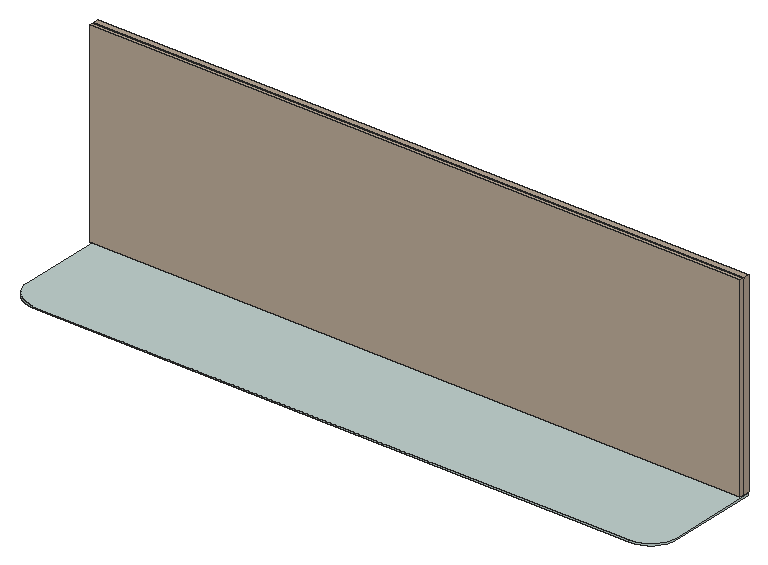
Revit family "Accessory-Teknion-EMWS_Wall-Shelf_with_Thought_Board-R2016", category Furniture, Revit 2018
Family settings
  OmniClass Number = 23.40.20.00
  OmniClass Title = General Furniture and Specialties
  Work Plane-Based = No
  Always vertical = Yes
  Cut with Voids When Loaded = No
  Shared = Yes
  Room Calculation Point = No
Parameters (values of type "Wall Shelf with Flintwood Thought Board")
  Width [instance] = 48.000"
  Warranty = "http://www.teknion.com/ca/papers/legal-canada"
  Wall Shelf with Veneer Thought Board = no
  Wall Shelf with Glass Thought Board = no
  Wall Shelf with Flintwood Thought Board = yes
  Wall Shelf with Fabric Thought Board = no
  Wall Shelf with Chroma Wood Thought Board = no
  Unit Weight URL = "http://www.teknion.com/ca/tools/assets#&asset=bee6a381-b954-425e-8283-5a2de3a804f2,f828d448-4b62-4231-9e5f-9a8991c0ed77"
  URL = "www.teknion.com"
  Top Accent Finish [instance] = Veneer - Teknion - 5N - Flintwood - White Oak
  To render, please download texture images found here [instance] = "https://assets.teknion.com/web/5e81352c1dfdb467/revit-material-swatches/"
  Sustainability Data = "https://www.teknion.com/ca/tools/assets#&topic=216f99a5-57a0-44fc-b10a-9dee9b29ae4c&asset=444deb64-fe58-4b68-981e-f75e97781df7,b4ff2d81-9f2e-437d-9659-7cffb09c31cf"
  Series = "Emote"
  Product Page URL = "https://www.teknion.com/ca/products/product-details?productLineId=df54fb6e-8e7a-673b-a6c8-ff05004460c4"
  Product Line = "Emote"
  Product Documentation Link = "https://assets.teknion.com/m/e60fdd6154307a7/original/Emote-Sell-Sheet.pdf"
  Part Number = "EMWS"
  Outer Accent Finish [instance] = Veneer - Teknion - 5N - Flintwood - White Oak
  Model = "EMWS__"
  Metal Shelf Finish [instance] = Paint - Teknion - CP - Chroma Metal - Herbal
  Material Note [instance] = if(Wall Shelf with Chroma Wood Thought Board, "Choose the same Chroma Wood Finish for both Outer Accent and Top Accent Finish.", if(Wall Shelf with Flintwood Thought Board, "Choose the same Flintwood Finish for bot Outer Accent and Top Accent Finish.", if(Wall Shelf with Glass Thought Board, "Choose a Backpainted Glass Finish for Outer Accent and (Glass - Teknion - CL - Clear) for Top Accent Finish.", if(Wall Shelf with Veneer Thought Board, "Choose the same Veneer Finish for both Outer Accent and Top Accent Finish.", "Choose the same Fabric Finish for both Outer Accent and Top Accent Finish."))))  # "Choose the same Flintwood Finish for bot Outer Accent and Top Accent Finish."
  Manufacturer Phone = "416-661-3370"  # constant formula
  Manufacturer Fax = "416.661.4586"  # constant formula
  Manufacturer Contact Information = "http://www.teknion.com/ca/contactus"
  Manufacturer Address = "1150 Flint Road, Toronto, ON. M3J 2J5. Canada"  # constant formula
  Manufacturer = "Teknion"  # constant formula
  How To Use Teknion Materials User Guide [instance] = "https://assets.teknion.com/m/205dd0a49fa58060/original/How-to-add-a-Material-Library-and-Texture-Images-to-your-Revit-project.pdf"
  Height offset above the ground [instance] = 35.880"
  Height [instance] = 14.500"
  For Additional Finishes, please visit [instance] = "https://assets.teknion.com/m/44a8009b046e5d47/original/Teknion_Materials_Library.zip"
  Description = "Emote Wall Shelf with Thought Board"
  Available Widths [instance] = "29, 36, 42, 48 inches."  # constant formula
  Available Heights [instance] = if(or(Width = 36.000", Width = 42.000", Width = 48.000"), "14.5 inches.", "14.5 or 29 inches.")  # "14.5 inches."
  Assembly Code = "E2020200"
Types (6): name | Wall Shelf with Veneer Thought Board | Wall Shelf with Glass Thought Board | Wall Shelf with Flintwood Thought Board | Wall Shelf with Fabric Thought Board | Wall Shelf with Chroma Wood Thought Board | Top Accent Finish | Outer Accent Finish | Material Note
  (no name) | no | no | yes | no | no | Veneer - Teknion - 5N - Flintwood - White Oak | Veneer - Teknion - 5N - Flintwood - White Oak | "Choose the same Flintwood Finish for bot Outer Accent and Top Accent Finish."
  Wall Shelf with Flintwood Thought Board | no | no | yes | no | no | Veneer - Teknion - 5N - Flintwood - White Oak | Veneer - Teknion - 5N - Flintwood - White Oak | "Choose the same Flintwood Finish for bot Outer Accent and Top Accent Finish."
  Wall Shelf with Chroma Wood Thought Board | no | no | no | no | yes | Paint - Teknion - CQ - Chroma Metal - Soft Gold | Paint - Teknion - CQ - Chroma Metal - Soft Gold | "Choose the same Chroma Wood Finish for both Outer Accent and Top Accent Finish."
  Wall Shelf with Veneer Thought Board | yes | no | no | no | no | Wood - Teknion - DV - Sierra | Wood - Teknion - DV - Sierra | "Choose the same Veneer Finish for both Outer Accent and Top Accent Finish."
  Wall Shelf with Backpainted Glass Thought Board | no | yes | no | no | no | Back-painted Glass - K7 - Teknion - Very White | Glass - Teknion - CL - Clear | "Choose a Backpainted Glass Finish for Outer Accent and (Glass - Teknion - CL - Clear) for Top Accent Finish."
  Wall Shelf with Fabric Thought Board | no | no | no | yes | no | Fabric - Teknion - N134 - Nitty Gritty - Factor | Fabric - Teknion - N134 - Nitty Gritty - Factor | "Choose the same Fabric Finish for both Outer Accent and Top Accent Finish."
Reference planes (in)
  plane 1 "Center Front/Back": y = 0.41095
  plane 2: z = 0
  plane 3 "Center Left/Right": x = 0
  plane 4 "Left": x = -24
  plane 5 "Right": x = 24
  plane 6 "Back": y = 4.84595
  plane 7 "Front": y = -4.02405
  plane 8 "Top": z = 50.5
  plane 9: z = 35.88
  plane 10: z = 36.17717
  plane 11: z = 36
  plane 12: y = 4.72595
  plane 13: y = 4.47391
  plane 14: y = 3.72391
Forms (in)
  Sweep 1, solid, material "Paint - Teknion - CP - Chroma Metal - Herbal" <- "Metal Shelf Finish"
    path origin (0, 0, 0) x (0, 1, 0) y (0, 0, 1)
      loop
        line (-4.06292, 35.88) -> (-4.06292, 36)
    profile origin (0, -4.06292, 35.94) x (0, -1, 0) y (1, 0, 0)
      loop
        line (-8.53683, -24) -> (-2.03888, -24)
        arc (-2.03888, -24) -> (-0.62466, -23.41421) -> (-0.03888, -22) r 2
        line (-0.03888, -22) -> (-0.03888, 22)
        arc (-0.03888, 22) -> (-0.62466, 23.41421) -> (-2.03888, 24) r 2
        line (-2.03888, 24) -> (-8.53683, 24) -> (-8.53683, -24)
  Sweep 2, solid, material "Paint - Teknion - CP - Chroma Metal - Herbal" <- "Metal Shelf Finish"
    path origin (0, 0, 0) x (1, 0, 0) y (0, 1, 0)
      loop
        line (-23, 4.84595) -> (23, 4.84595)
    profile origin (0, 4.84595, 0) x (0, 1, 0) y (0, 0, 1)
      loop
        line (-0.37205, 35.88) -> (-0.15125, 35.88)
        arc (-0.15125, 35.88) -> (-0.0443, 35.9243) -> (0, 36.03125) r 0.15125
        line (0, 36.03125) -> (0, 39.88) -> (-0.12, 39.88) -> (-0.12, 36.03125)
        arc (-0.12, 36.03125) -> (-0.12915, 36.00915) -> (-0.15125, 36) r 0.03125
        line (-0.15125, 36) -> (-0.37205, 36) -> (-0.37205, 35.88)
  Sweep 3, solid, material "Veneer - Teknion - 5N - Flintwood - White Oak" <- "Top Accent Finish"
    path origin (0, 0.41095, 0) x (1, 0, 0) y (0, 0, 1)
      loop
        line (-23.25, 36.17717) -> (-23.25, 50.5)
    profile origin (-23.25, 0.41095, 43.33858) x (-1, 0, 0) y (0, -1, 0)
      loop
        line (0.75, -3.61295) -> (-47.25, -3.61295) -> (-47.25, -4.06295) -> (0.75, -4.06295) -> (0.75, -3.61295)
  Sweep 4, solid, material "Veneer - Teknion - 5N - Flintwood - White Oak" <- "Outer Accent Finish"
    path origin (0, 0.41095, 0) x (1, 0, 0) y (0, 0, 1)
      loop
        line (-23.25, 36.17717) -> (-23.25, 50.5)
    profile origin (-23.25, 0.41095, 43.33858) x (-1, 0, 0) y (0, -1, 0)
      loop
        line (0.75, -3.31295) -> (-47.25, -3.31295) -> (-47.25, -3.61295) -> (0.75, -3.61295) -> (0.75, -3.31295)
Lines and regions (in)
  Masking region 1
    outline origin (0, 0, 0) x (1, 0, 0) y (0, 1, 0)
      loop
        line (24, 4.47391) -> (-24, 4.47391) -> (-24, -2.02405)
        arc (-24, -2.02405) -> (-23.41421, -3.43826) -> (-22, -4.02405) r 2
        line (-22, -4.02405) -> (22, -4.02405)
        arc (22, -4.02405) -> (23.41421, -3.43826) -> (24, -2.02405) r 2
        line (24, -2.02405) -> (24, 4.47391)
  Masking region 2
    outline origin (0, 0, 0) x (1, 0, 0) y (0, 1, 0)
      loop
        line (-23, 4.47391) -> (23, 4.47391) -> (23, 4.84595) -> (-23, 4.84595) -> (-23, 4.47391)
  symbolic lines
    curve 1: line (-24, 3.72391, 0) -> (24, 3.72391, 0)
    curve 2: line (-23, 4.72595, 0) -> (23, 4.72595, 0)
Dimensions and locks (in)
  "Width": plane 4 "Left" to plane 5 "Right"
  equal spacing: plane 6 "Back", plane 1 "Center Front/Back", plane 7 "Front", locked at 4.435 each
  "Height offset above the ground": plane 9 to level
  equal spacing: plane 4 "Left", plane 3 "Center Left/Right", plane 5 "Right"
  plane 9 to plane 11 to plane 10 = 0.120" locked, 0.17717" locked
  plane 6 "Back" to plane 12 to plane 13 to plane 14 = 0.120" locked, 0.25205" locked, 0.750" locked
  "Height": plane 11 to plane 8 "Top"
  locked: plane 4 "Left" to Sweep 1 sketch curve at 2
  locked: plane 7 "Front" to Sweep 1 sketch curve at 2  (x2)
  locked: Sweep 1 sketch curve to plane 5 "Right" at 2
  locked: plane 4 "Left" to Sweep 2 sketch curve at 1
  locked: Sweep 2 sketch curve to plane 5 "Right" at 1
  locked: plane 6 "Back" to Sweep 2 sketch curve at 0.15125
  locked: plane 9 to Sweep 2 sketch curve at 0.15125  (x2)
  locked: plane 12 to Sweep 2 sketch curve at 0.03125
  locked: plane 9 to Sweep 2 sketch curve at 4
  locked: Sweep 3 sketch curve to plane 14 at 0.3
  aligned and locked: level to plane 2
  aligned and locked: plane 9 to Sweep 1 sketch curve
  aligned and locked: plane 11 to Sweep 1 sketch curve
  aligned and locked: Sweep 1 sketch curve to plane 13
  aligned and locked: Sweep 1 sketch curve to plane 4 "Left"
  aligned and locked: plane 7 "Front" to Sweep 1 sketch curve
  aligned and locked: plane 5 "Right" to Sweep 1 sketch curve
  aligned and locked: Sweep 2 sketch curve to plane 6 "Back"
  aligned and locked: plane 9 to Sweep 2 sketch curve
  aligned and locked: plane 6 "Back" to Sweep 2 sketch curve
  aligned and locked: plane 12 to Sweep 2 sketch curve
  aligned and locked: plane 11 to Sweep 2 sketch curve
  aligned and locked: plane 13 to Sweep 2 sketch curve
  aligned and locked: plane 8 "Top" to Sweep 3 sketch curve
  aligned and locked: plane 10 to Sweep 3 sketch curve
  aligned and locked: Sweep 3 sketch curve to plane 5 "Right"
  aligned and locked: plane 13 to Sweep 3 sketch curve
  aligned and locked: Sweep 3 sketch curve to plane 4 "Left"
  aligned and locked: Masking region 1 sketch curve to Sweep 3
  aligned and locked: Masking region 1 sketch curve to Sweep 1  (x3)
  aligned and locked: Masking region 2 sketch curve to Sweep 2  (x4)
  aligned and locked: curve 2 to Sweep 2
  aligned and locked: Sweep 4 sketch curve to plane 14
  aligned and locked: Sweep 4 sketch curve to Sweep 3
  aligned and locked: Sweep 4 sketch curve to plane 4 "Left"
  aligned and locked: Sweep 4 sketch curve to plane 5 "Right"
  aligned and locked: curve 1 to plane 14
  aligned and locked: plane 8 "Top" to Sweep 4 sketch curve
  aligned and locked: plane 10 to Sweep 4 sketch curve
Automatic sketch dimensions
  plane 7 "Front" to Sweep 1 sketch curve = 0.03888"
  plane 4 "Left" to Sweep 3 sketch curve = 0.750"
  plane 4 "Left" to Sweep 4 sketch curve = 0.750"
  curve 1 to plane 4 "Left" = 0.000"
  curve 1 to plane 5 "Right" = 0.000"
  plane 4 "Left" to curve 2 = 1.000"
  plane 5 "Right" to curve 2 = 1.000"
